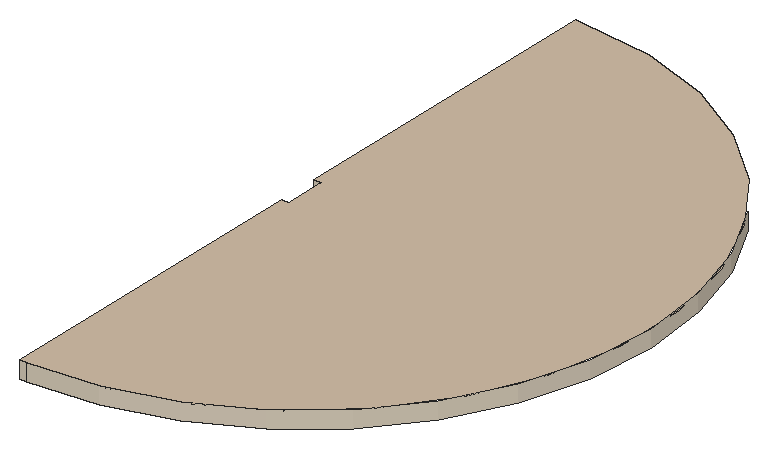
Revit family "28c089aa55db499ab4621b1f99081a9c", category Furniture Systems, Revit 2021
Family settings
  Round Connector Dimension = Use Diameter
  Part Type = Normal
  OmniClass Number = 23.40.70.14.64.21
  OmniClass Title = Systems Furniture
  Work Plane-Based = No
  Always vertical = Yes
  Cut with Voids When Loaded = No
  Shared = No
  Room Calculation Point = No
Parameters (values of type "51" x 24"")
  Work Surface Material [instance] = Plastic Laminate - White Oak
  Type Comments = "51\" x 24\" Half Circle Work Surface"
  Thickness = 1 1/4"
  Width = (Depth * 2) + 3"  # 51"
  Model = ""
  Manufacturer = ""
  Height = 30"
  Edge Material [instance] = Plastic Laminate - Beige - Light - Smooth
  Description = ""
  Depth = 24"
  Default Elevation = 0"
Types (2): name | Type Comments | Width | Depth
  51" x 24" | "51\" x 24\" Half Circle Work Surface" | 51" | 24"
  63" x 30" | "63\" x 30\" Half Circle Work Surface" | 63" | 30"
Reference planes (in)
  plane 1 "Center F/B": y = 0
  plane 2: z = 0
  plane 3 "Center L/R": x = 0
  plane 4 "Front": y = -24
  plane 5 "Right": x = 26
  plane 6 "Top": z = 30
  plane 7 "Bottom": z = 28.75
  plane 8: y = 3
  plane 9: x = 0.5
  plane 10 "Back": y = 27
  plane 11: y = 1.5
  plane 12: x = 2
Forms (in)
  Extrusion 1, solid, material "Plastic Laminate - White Oak" <- "Work Surface Material"
    sketch origin (1.5, 27.75, 0) x (1, 0, 0) y (0, 1, 0)
      loop
        line (-1.5, -0.75) -> (-1.5, -24.75) -> (-1, -24.75) -> (-1, -27.75) -> (-1.5, -27.75) -> (-1.5, -51.75) -> (-1, -51.75)
        arc (-1, -51.75) -> (24.5, -26.25) -> (-1, -0.75) r 25.5
        line (-1, -0.75) -> (-1.5, -0.75)
    from 28.75 to 30
Lines and regions (in)
  Masking region 1
    outline origin (-10.94594, 12.22373, 0) x (1, 0, 0) y (0, 1, 0)
      loop
        line (10.94594, 14.77627) -> (10.94594, -9.22373) -> (11.44594, -9.22373) -> (11.44594, -12.22373) -> (10.94594, -12.22373) -> (10.94594, -36.22373) -> (11.44594, -36.22373)
        arc (11.44594, -36.22373) -> (36.94594, -10.72373) -> (11.44594, 14.77627) r 25.5
        line (11.44594, 14.77627) -> (10.94594, 14.77627)
Dimensions and locks (in)
  "Depth": plane 4 "Front" to plane 1 "Center F/B"
  "Thickness": plane 6 "Top" to plane 7 "Bottom"
  locked: plane 3 "Center L/R" to plane 9 at 0.5
  locked: plane 1 "Center F/B" to plane 8 at 3
  "Depth": plane 10 "Back" to plane 8
  equal spacing: plane 8, plane 11, plane 1 "Center F/B"
  locked: plane 9 to plane 12 at 1.5
  "Depth": plane 12 to plane 5 "Right"
  "Height": plane 6 "Top" to plane 2
  aligned: plane 3 "Center L/R" to Extrusion 1 sketch curve
  aligned and locked: level to plane 2
  aligned and locked: plane 6 "Top" to Extrusion 1
  aligned and locked: plane 7 "Bottom" to Extrusion 1
  aligned: plane 3 "Center L/R" to Masking region 1 sketch curve  (x2)
  aligned and locked: plane 3 "Center L/R" to Extrusion 1 sketch curve
  aligned and locked: Extrusion 1 sketch curve to plane 3 "Center L/R"
  aligned and locked: Extrusion 1 sketch curve to plane 9
  aligned and locked: plane 8 to Extrusion 1 sketch curve
  aligned and locked: plane 1 "Center F/B" to Extrusion 1 sketch curve
  aligned and locked: Extrusion 1 sketch curve to plane 10 "Back"
  aligned and locked: plane 9 to Extrusion 1 sketch curve  (x2)
  aligned and locked: Extrusion 1 sketch curve to plane 4 "Front"
  aligned and locked: plane 3 "Center L/R" to Masking region 1 sketch curve  (x2)
  aligned and locked: plane 9 to Masking region 1 sketch curve  (x3)
  aligned and locked: plane 8 to Masking region 1 sketch curve
  aligned and locked: Masking region 1 sketch curve to plane 1 "Center F/B"
  aligned and locked: Masking region 1 sketch curve to plane 10 "Back"
  aligned and locked: plane 4 "Front" to Masking region 1 sketch curve
